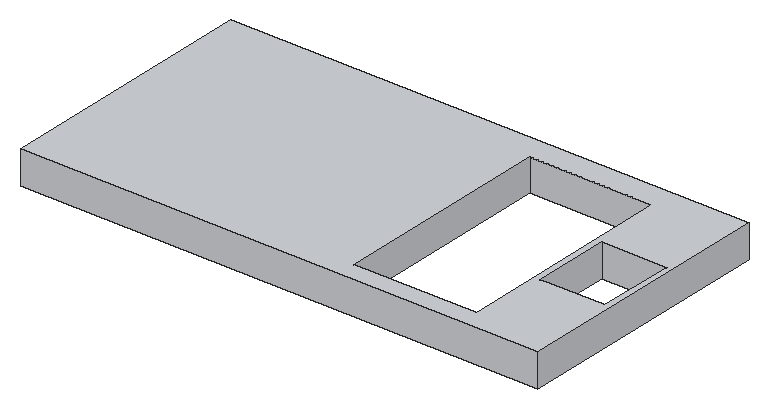
Revit family "G805-002 CAB60A", category Mechanical Equipment, Revit 2012
Parameters (values of type "10 TON")
  URL = "http://desert-aire.com/"
  Type Comments = "NON PACKAGED"
  Outdoor Unit = yes
  Model = "G805-002"
  Manufacturer = "DESERT AIRE"
  Description = "DOWN FLOW UNIT"
  Curb Height = 0' - 8"
  Cost = 0
Reference planes (in)
  plane 1: y = 0
  plane 2: z = 0
  plane 3: x = 0
  plane 4: z = 8
  plane 5: z = 81.455
  plane 6: z = 36.475
Forms (in)
  Extrusion 1, solid
    sketch origin (0, 0, 0) x (1, 0, 0) y (0, 1, 0)
      loop
        line (-62.80443, 33.44436) -> (-62.80443, -31.05564) -> (64.32057, -31.05564) -> (64.32057, 33.44436) -> (-62.80443, 33.44436)
      loop
        line (15.34332, -26.34521) -> (45.38082, -26.34521) -> (45.38082, 27.65479) -> (15.34332, 27.65479) -> (15.34332, -26.34521)
      loop
        line (62.93809, -8.72021) -> (62.93809, 10.02979) -> (46.96885, 10.02979) -> (46.96885, -8.72021) -> (62.93809, -8.72021)
    from 0 to 8
Dimensions and locks (in)
  "Curb Height": plane 4 to plane 2
  locked: plane 5 to plane 4 at 73.455
  locked: plane 5 to plane 6 at 44.98
  aligned and locked: plane 4 to Extrusion 1
  aligned and locked: plane 4 to import instance
  aligned and locked: import instance to import instance  (x2)
  aligned and locked: plane 6 to import instance
  aligned and locked: plane 5 to import instance
Automatic sketch dimensions
  plane 1 to Extrusion 1 sketch curve = 2' - 7.05564"
  Extrusion 1 sketch curve to plane 3 = 5' - 2.80443"
  plane 3 to Extrusion 1 sketch curve = 1' - 3.34332"
  Extrusion 1 sketch curve to Extrusion 1 sketch curve = 2' - 6.0375"
  Extrusion 1 sketch curve to Extrusion 1 sketch curve = 0' - 1.58803"
  Extrusion 1 sketch curve to Extrusion 1 sketch curve = 1' - 3.96924"
  Extrusion 1 sketch curve to Extrusion 1 sketch curve = 1' - 6.93975"
  plane 1 to Extrusion 1 sketch curve = 2' - 2.34521"
  plane 1 to Extrusion 1 sketch curve = 0' - 8.72021"
  Extrusion 1 sketch curve to plane 1 = 0' - 10.02979"
  Extrusion 1 sketch curve to plane 1 = 2' - 3.65479"
  Extrusion 1 sketch curve to plane 1 = 2' - 9.44436"
Connectors (in)
  piping at (-13.13518, -1.49985, 0)
    settings: on Extrusion 1, index 7, connector radius 1/2", flow factor 0, pipe flow 0 GPM, pressure drop 0.00 psi, fitting loss kfactor 0, connector angle 0.00°, fixture units 0, engagement length 0' - 0", flow configuration 0, flow direction 0, fitting loss method 0, system type 22, joint type 0, gender type 0, connector reference index -1, connector utility 0, adjustable connector no, is connector primary yes, fitting loss table "", connector description "BOTTOM CONDENSATE"
  electrical at (70.51707, -29.93836, 76.44815)
    settings: on import instance, index 53, voltage 0 V, apparent load 0 VA, apparent load phase1 0 VA, apparent load phase2 0 VA, apparent load phase3 0 VA, power factor 1, load classification "Other", number of poles 1, system type 30, power factor state 1, is connector primary yes, connector utility no, sub classification motor no, connector description "OPTIONAL DISCONNECT LOCATION"
  piping at (0.43132, -35.59521, 15.79672)
    settings: on import instance, index 54, connector radius 1/2", flow factor 0, pipe flow 0 GPM, pressure drop 0.00 psi, fitting loss kfactor 0, connector angle 0.00°, fixture units 0, engagement length 0' - 0", flow configuration 0, flow direction 0, fitting loss method 0, system type 22, joint type 0, gender type 0, connector reference index -1, connector utility 0, adjustable connector no, is connector primary no, fitting loss table "", connector description "LEFT SIDE CONDENSATE"
  piping at (23.43132, -35.59521, 15.79672)
    settings: on import instance, index 55, connector radius 7/16", flow factor 0, pipe flow 0 GPM, pressure drop 0.00 psi, fitting loss kfactor 0, connector angle 0.00°, fixture units 0, engagement length 0' - 0", flow configuration 0, flow direction 0, fitting loss method 0, system type 7, joint type 0, gender type 0, connector reference index -1, connector utility 0, adjustable connector no, is connector primary no, fitting loss table "", connector description "LEFT SIDE RC DISCHARGE CONNECTION LOCATION"
  piping at (23.43132, -35.59521, 17.29672)
    settings: on import instance, index 56, connector radius 5/16", flow factor 0, pipe flow 0 GPM, pressure drop 0.00 psi, fitting loss kfactor 0, connector angle 0.00°, fixture units 0, engagement length 0' - 0", flow configuration 0, flow direction 0, fitting loss method 0, system type 8, joint type 0, gender type 0, connector reference index -1, connector utility 0, adjustable connector no, is connector primary no, fitting loss table "", connector description "LEFT SIDE RC RETURN CONNECTION LOCATION"
  piping at (23.43132, -35.59521, 23.29672)
    settings: on import instance, index 57, connector radius 11/16", flow factor 0, pipe flow 0 GPM, pressure drop 0.00 psi, fitting loss kfactor 0, connector angle 0.00°, fixture units 0, engagement length 0' - 0", flow configuration 0, flow direction 0, fitting loss method 0, system type 20, joint type 0, gender type 0, connector reference index -1, connector utility 0, adjustable connector no, is connector primary no, fitting loss table "", connector description "LEFT SIDE WATER INLET CONNECTION LOCATION"
  piping at (23.43132, -35.59521, 25.04672)
    settings: on import instance, index 58, connector radius 11/16", flow factor 0, pipe flow 0 GPM, pressure drop 0.00 psi, fitting loss kfactor 0, connector angle 0.00°, fixture units 0, engagement length 0' - 0", flow configuration 0, flow direction 0, fitting loss method 0, system type 20, joint type 0, gender type 0, connector reference index -1, connector utility 0, adjustable connector no, is connector primary no, fitting loss table "", connector description "LEFT SIDE WATER OUTLET CONNECTION LOCATION"
  piping at (0.42407, 36.90479, 15.81773)
    settings: on import instance, index 59, connector radius 1/2", flow factor 0, pipe flow 0 GPM, pressure drop 0.00 psi, fitting loss kfactor 0, connector angle 0.00°, fixture units 0, engagement length 0' - 0", flow configuration 0, flow direction 0, fitting loss method 0, system type 22, joint type 0, gender type 0, connector reference index -1, connector utility 0, adjustable connector no, is connector primary no, fitting loss table "", connector description "RIGHT SIDE CONDENSATE"
  piping at (23.43568, 36.90479, 15.79097)
    settings: on import instance, index 60, connector radius 7/16", flow factor 0, pipe flow 0 GPM, pressure drop 0.00 psi, fitting loss kfactor 0, connector angle 0.00°, fixture units 0, engagement length 0' - 0", flow configuration 0, flow direction 0, fitting loss method 0, system type 7, joint type 0, gender type 0, connector reference index -1, connector utility 0, adjustable connector no, is connector primary no, fitting loss table "", connector description "RIGHT SIDE RC DISCHARGE CONNECTION LOCATION"
  piping at (23.43568, 36.90479, 17.28805)
    settings: on import instance, index 61, connector radius 5/16", flow factor 0, pipe flow 0 GPM, pressure drop 0.00 psi, fitting loss kfactor 0, connector angle 0.00°, fixture units 0, engagement length 0' - 0", flow configuration 0, flow direction 0, fitting loss method 0, system type 8, joint type 0, gender type 0, connector reference index -1, connector utility 0, adjustable connector no, is connector primary no, fitting loss table "", connector description "RIGHT SIDE RC RETURN CONNECTION LOCATION"
  piping at (23.43568, 36.90479, 23.31678)
    settings: on import instance, index 62, connector radius 11/16", flow factor 0, pipe flow 0 GPM, pressure drop 0.00 psi, fitting loss kfactor 0, connector angle 0.00°, fixture units 0, engagement length 0' - 0", flow configuration 0, flow direction 0, fitting loss method 0, system type 20, joint type 0, gender type 0, connector reference index -1, connector utility 0, adjustable connector no, is connector primary no, fitting loss table "", connector description "RIGHT SIDE WATER INLET CONNECTION LOCATION"
  piping at (23.43568, 36.90479, 25.0411)
    settings: on import instance, index 63, connector radius 11/16", flow factor 0, pipe flow 0 GPM, pressure drop 0.00 psi, fitting loss kfactor 0, connector angle 0.00°, fixture units 0, engagement length 0' - 0", flow configuration 0, flow direction 0, fitting loss method 0, system type 20, joint type 0, gender type 0, connector reference index -1, connector utility 0, adjustable connector no, is connector primary no, fitting loss table "", connector description "RIGHT SIDE WATER OUTLET CONNECTION LOCATION"
  hvac at (30.30582, 0.64527, 14)
    settings: on import instance, index 64, duct flow 0 CFM, flow factor 0, pres drop 0.00 in-wg, loss coef 0, conn angle 0.00°, conn width 54", conn height 30", conn radius 12", duct sys type 2, conn prof type 1, flow config 0, flow direction 0, loss method 0, conn ref index -1, conn util no, is conn primary yes, conn desc "RETURN INTAKE"
  hvac at (54.8681, 0.65231, 14)
    settings: on import instance, index 65, duct flow 0 CFM, flow factor 0, pres drop 0.00 in-wg, loss coef 0, conn angle 0.00°, conn width 18 3/4", conn height 16", conn radius 12", duct sys type 1, conn prof type 1, flow config 0, flow direction 0, loss method 0, conn ref index -1, conn util no, is conn primary no, conn desc "SUPPLY DISCHARGE"
  hvac at (-70.12868, 0.58618, 23.78877)
    settings: on import instance, index 66, duct flow 0 CFM, flow factor 0, pres drop 0.00 in-wg, loss coef 0, conn angle 0.00°, conn width 18 3/4", conn height 16", conn radius 12", duct sys type 3, conn prof type 1, flow config 0, flow direction 0, loss method 0, conn ref index -1, conn util no, is conn primary no, conn desc "EXHAUST DISCHARGE"
  hvac at (-70.12868, 0.56436, 66.02904)
    settings: on import instance, index 67, duct flow 0 CFM, flow factor 0, pres drop 0.00 in-wg, loss coef 0, conn angle 0.00°, conn width 59 7/8", conn height 29 5/8", conn radius 12", duct sys type 3, conn prof type 1, flow config 0, flow direction 0, loss method 0, conn ref index -1, conn util no, is conn primary no, conn desc "O/A INTAKE"
